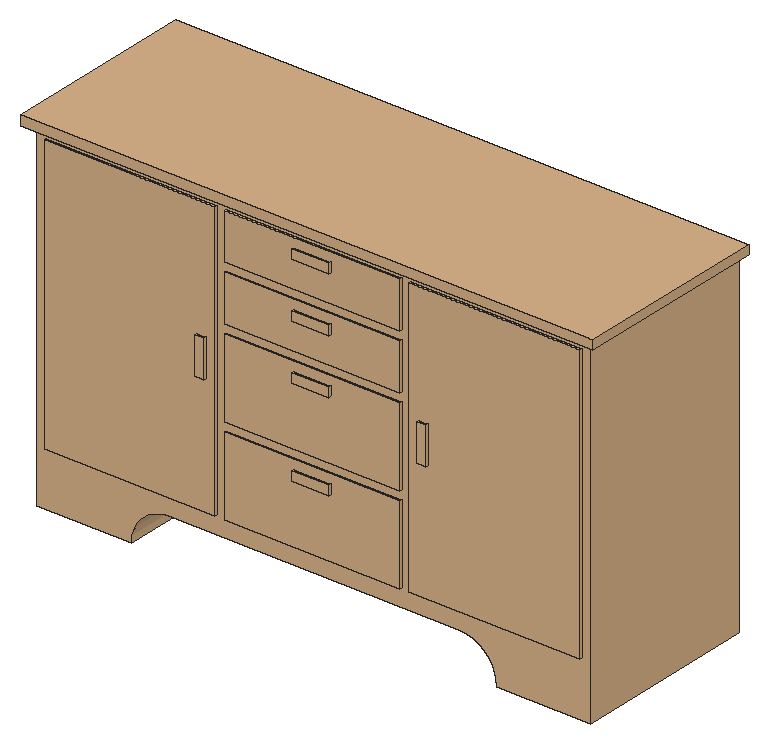
Revit family
Parameters (values of type "1520 x 510 x 970mm")
  Keynote = "N"
  Assembly Code = ""
  Depth = 508 mm
  Material = Wood - Cherry
  Height = 965.2 mm
  Width = 1524 mm
Types (3, lengths in mm): name | Depth | Height | Width
  (no name) | 508 | 965.2 | 1524
  1220 x 510 x 1070mm | 510 | 1050 | 1220
  1520 x 510 x 970mm | 508 | 965.2 | 1524
Reference planes
  plane 1 "Center F/B": y = -363.163
  plane 2: z = 0.34
  plane 3 "Center L/R": x = -294.593
  plane 4 "Back": y = -109.163
  plane 5 "Front": y = -617.163
  plane 6 "Right": x = 467.407
  plane 7 "Left": x = -1056.593
  plane 8: x = -700.993
  plane 9: x = 111.807
  plane 10: z = 152.4
  plane 11: x = -1031.193
  plane 12: x = 442.007
  plane 13: x = -548.593
  plane 14: x = -40.593
  plane 15: x = -1081.993
  plane 16: y = -642.563
  plane 17: x = 492.807
  plane 18: x = -561.293
  plane 19: x = -535.893
  plane 20: x = -53.293
  plane 21: x = -27.893
  plane 22: z = 228.634
  plane 23: z = 457.336
  plane 24: z = 762.272
  plane 25: z = 381.102
  plane 26: z = 609.804
  plane 27: z = 304.868
  plane 28: z = 533.57
  plane 29: z = 686.038
  plane 30: z = 838.506
  plane 31: z = 965.54
  plane 32: z = 940.14
  plane 33: z = 914.74
  plane 34: z = 368.402
  plane 35: z = 393.802
  plane 36: z = 635.204
  plane 37: z = 787.672
Forms (mm)
  Extrusion 1, solid, material "Wood - Cherry" <- "Material"
    sketch origin (0, -617.163, 19.25) x (1, 0, 0) y (0, 0, 1)
      loop
        line (207.943, -18.853) -> (467.407, -18.853) -> (467.407, 920.89) -> (-1056.593, 920.89) -> (-1056.593, -18.91) -> (-796.768, -18.91)
        arc (-796.768, -18.91) -> (-766.445, 54.294) -> (-693.241, 84.617) r 103.527
        line (-693.241, 84.617) -> (104.473, 84.617)
        arc (104.473, 84.617) -> (177.637, 54.311) -> (207.943, -18.853) r 103.469
    from 0 to -508
  Extrusion 2, solid, material "Wood - Cherry" <- "Material"
    sketch origin (0, 0, 0) x (1, 0, 0) y (0, 1, 0)
      loop
        line (-1081.993, -642.563) -> (492.807, -642.563) -> (492.807, -109.163) -> (-1081.993, -109.163) -> (-1081.993, -642.563)
    from 965.54 to 940.14
  Extrusion 3, solid, material "Wood - Cherry" <- "Material"
    sketch origin (0, -617.163, 0) x (1, 0, 0) y (0, 0, 1)
      loop
        line (-1031.193, 914.74) -> (-1031.193, 152.4) -> (-561.293, 152.4) -> (-561.293, 914.74) -> (-1031.193, 914.74)
      loop
        line (-27.893, 914.74) -> (-27.893, 152.4) -> (442.007, 152.4) -> (442.007, 914.74) -> (-27.893, 914.74)
      loop
        line (-535.893, 914.74) -> (-535.893, 787.672) -> (-53.293, 787.672) -> (-53.293, 914.74) -> (-535.893, 914.74)
      loop
        line (-535.893, 762.272) -> (-535.893, 635.204) -> (-53.293, 635.204) -> (-53.293, 762.272) -> (-535.893, 762.272)
      loop
        line (-535.893, 609.804) -> (-535.893, 393.802) -> (-53.293, 393.802) -> (-53.293, 609.804) -> (-535.893, 609.804)
      loop
        line (-535.893, 368.402) -> (-535.893, 152.4) -> (-53.293, 152.4) -> (-53.293, 368.402) -> (-535.893, 368.402)
    from 0 to 6.35
  Extrusion 4, solid, material "Wood - Cherry" <- "Material"
    sketch origin (0, -623.513, 0) x (1, 0, 0) y (0, 0, 1)
      loop
        line (-612.093, 584.438) -> (-612.093, 482.838) -> (-586.693, 482.838) -> (-586.693, 584.438) -> (-612.093, 584.438)
      loop
        line (-346.07, 889.34) -> (-346.07, 863.94) -> (-244.523, 863.94) -> (-244.523, 889.34) -> (-346.07, 889.34)
      loop
        line (-346.07, 736.872) -> (-346.07, 711.472) -> (-244.523, 711.472) -> (-244.523, 736.872) -> (-346.07, 736.872)
      loop
        line (-346.07, 584.438) -> (-346.07, 559.038) -> (-244.523, 559.038) -> (-244.523, 584.438) -> (-346.07, 584.438)
      loop
        line (-346.07, 343.002) -> (-346.07, 317.602) -> (-244.523, 317.602) -> (-244.523, 343.002) -> (-346.07, 343.002)
      loop
        line (-2.493, 584.438) -> (-2.493, 482.838) -> (22.907, 482.838) -> (22.907, 584.438) -> (-2.493, 584.438)
    from 0 to 6.35
Lines and regions (mm)
  Masking region 1
    outline origin (0, 0, 0) x (1, 0, 0) y (0, 1, 0)
      loop
        line (-1081.993, -109.163) -> (-1081.993, -617.163) -> (492.807, -617.163) -> (492.807, -109.163) -> (-1081.993, -109.163)
  symbolic lines
    curve 1: line (-1081.993, -109.163, 0) -> (492.807, -109.163, 0)
    curve 2: line (-1081.993, -109.163, 0) -> (-1081.993, -617.163, 0)
    curve 3: line (-1081.993, -617.163, 0) -> (492.807, -617.163, 0)
    curve 4: line (492.807, -109.163, 0) -> (492.807, -617.163, 0)
Dimensions and locks
  equal spacing: plane 7 "Left", plane 3 "Center L/R", plane 6 "Right"
  equal spacing: plane 5 "Front", plane 1 "Center F/B", plane 4 "Back"
  "Width": plane 7 "Left" to plane 6 "Right"
  "Depth": plane 5 "Front" to plane 4 "Back"
  locked: plane 7 "Left" to plane 8 at 355.6
  locked: plane 6 "Right" to plane 9 at 355.6
  equal spacing: plane 7 "Left", plane 13, plane 14, plane 6 "Right"
  locked: plane 15 to plane 7 "Left" at 25.4
  locked: plane 6 "Right" to plane 17 at 25.4
  locked: plane 5 "Front" to plane 16 at 25.4
  "Height": plane 31 to plane 2
  locked: plane 31 to plane 32 at 25.4
  locked: plane 10 to plane 2 at 152.06
  locked: plane 32 to plane 33 at 25.4
  equal spacing: plane 33, plane 30, plane 24, plane 29, plane 26, plane 28, plane 23, plane 25, plane 27, plane 22, plane 10
  locked: plane 37 to plane 24 at 25.4
  locked: plane 36 to plane 26 at 25.4
  plane 35 to plane 25 to plane 34 = 12.7 mm locked, 12.7 mm locked
  locked: plane 7 "Left" to plane 11 at 25.4
  locked: plane 12 to plane 6 "Right" at 25.4
  plane 18 to plane 13 to plane 19 = 12.7 mm locked, 12.7 mm locked
  plane 20 to plane 14 to plane 21 = 12.7 mm locked, 12.7 mm locked
  aligned and locked: Extrusion 1 to plane 4 "Back"
  aligned and locked: plane 15 to Extrusion 2 sketch curve
  aligned and locked: Extrusion 2 sketch curve to plane 16
  aligned and locked: plane 4 "Back" to Extrusion 2 sketch curve
  aligned and locked: Extrusion 2 sketch curve to plane 17
  aligned and locked: Extrusion 1 sketch curve to plane 32
  aligned and locked: plane 32 to Extrusion 2
  aligned and locked: Extrusion 2 to plane 31
  aligned and locked: plane 15 to curve 2
  aligned and locked: plane 17 to curve 4
Automatic sketch dimensions
  curve 1 to plane 4 "Back" = 0 mm
  curve 3 to plane 5 "Front" = 0 mm
  plane 26 to Extrusion 4 sketch curve = 25.366 mm  (x3)
  plane 18 to Extrusion 4 sketch curve = 50.8 mm
  Extrusion 4 sketch curve to Extrusion 4 sketch curve = 25.4 mm  (x5)
  plane 33 to Extrusion 4 sketch curve = 25.4 mm
  Extrusion 4 sketch curve to plane 3 "Center L/R" = 51.477 mm  (x4)
  plane 34 to Extrusion 4 sketch curve = 25.4 mm
  plane 24 to Extrusion 4 sketch curve = 25.4 mm
  plane 3 "Center L/R" to Extrusion 4 sketch curve = 50.07 mm  (x4)
  plane 21 to Extrusion 4 sketch curve = 25.4 mm
  Extrusion 4 sketch curve to plane 27 = 12.734 mm
  Extrusion 4 sketch curve to plane 23 = 25.502 mm  (x2)
  Extrusion 3 sketch curve to plane 10 = 0 mm  (x3)
  Extrusion 3 sketch curve to plane 11 = 0 mm
  Extrusion 3 sketch curve to plane 18 = 0 mm
  Extrusion 3 sketch curve to plane 19 = 0 mm  (x4)
  Extrusion 3 sketch curve to plane 20 = 0 mm  (x4)
  Extrusion 3 sketch curve to plane 21 = 0 mm
  Extrusion 3 sketch curve to plane 12 = 0 mm
  Extrusion 3 sketch curve to plane 34 = 0 mm
  Extrusion 3 sketch curve to plane 35 = 0 mm
  Extrusion 3 sketch curve to plane 26 = 0 mm
  Extrusion 3 sketch curve to plane 36 = 0 mm
  Extrusion 3 sketch curve to plane 24 = 0 mm
  Extrusion 3 sketch curve to plane 37 = 0 mm
  Extrusion 3 sketch curve to plane 33 = 0 mm  (x3)
  Extrusion 1 sketch curve to plane 2 = 0 mm
  Extrusion 1 sketch curve to plane 7 "Left" = 0 mm
  Extrusion 1 sketch curve to plane 6 "Right" = 0 mm
  Extrusion 1 sketch curve to plane 8 = 95.774 mm
  plane 8 to Extrusion 1 sketch curve = 7.752 mm
  Extrusion 1 sketch curve to plane 9 = 7.333 mm
  plane 2 to Extrusion 1 sketch curve = 0.057 mm
  Masking region 1 sketch curve to plane 5 "Front" = 0 mm
  Masking region 1 sketch curve to plane 15 = 0 mm
  Masking region 1 sketch curve to plane 17 = 0 mm
  Masking region 1 sketch curve to plane 4 "Back" = 0 mm
